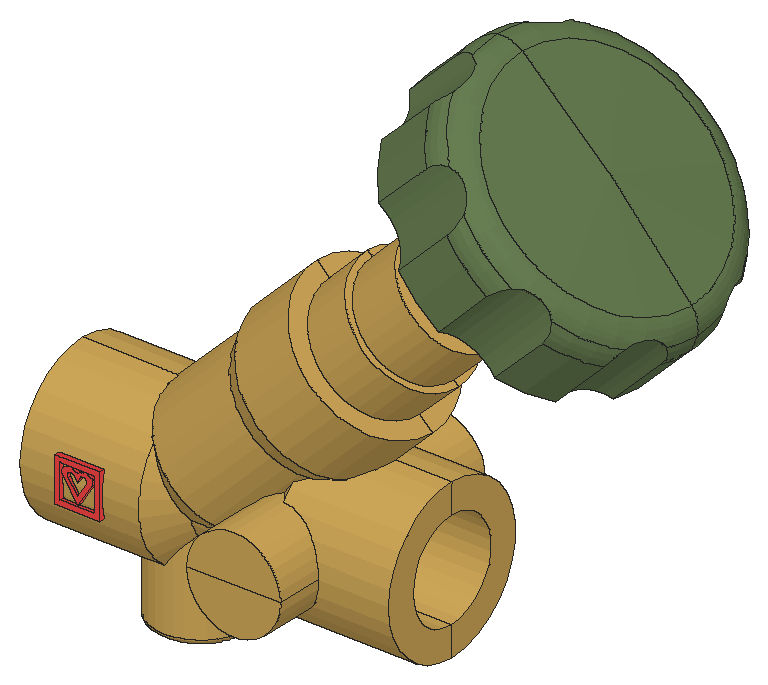
Revit family "Запорный клапан со встроенным обратным клапаном 4126", category Rohrzubehör, Revit 2020
Family settings
  Bemaßung runder Anschluss = Durchmesser verwenden
  Teiletyp = Unterbricht
  OmniClass-Nummer = 23.65.55.14
  OmniClass-Titel = Valves for Liquid Services
  Arbeitsebenenbasiert = Nein
  Immer vertikal = Ja
  Beim Laden mit Abzugskörper schneiden = Nein
  Gemeinsam genutzt = Nein
Parameters
  Шпиндель = "штампованная латунь, CW617N"  # constant formula
  Среда = "питьевая вода"  # constant formula
  Примечание = "В соответствии со статьей 33 Регламента REACH (Registration; Evaluation; Authorisation; Restriction of Chemicals) (EC № 1907/2006) мы обязаны указать, что свинец внесен в список SVHC (Substances of Very High Concern - вещества очень высокой важности) и весовой процент свинца во всех латунных компонентах заводского изготовления в наших изделиях, превышает 0,1 % (w/w) (CAS: 7439-92-1 / EINECS: 231-100-4).\r\nПоскольку свинец является легирующим компонентом сплава, прямое негативное влияние исключается, и поэтому дополнительной информации о безопасном использовании не требуется."
  Область применения = "Для перекрытия трубопроводов системы питьевого водоснабжения и циркуляционных систем в зданиях."
  Номер заказа [instance] = size_lookup("4126_", "Artnr", 0, Nennweite)  # 2412602
  Маховик = "пластик, цвет - зеленый"  # constant formula
  Макс. рабочее давление = 1600000.0 Pa  # constant formula
  Макс. рабочая температура = 80 °C  # constant formula
  Корпус = "литая латунь, устойчивая к селективной цинковой коррозии, CC770S"  # constant formula
  Давление открытия обратного клапана = "согласно DIN EN 13959"  # constant formula
  W01 = 45.00°  # constant formula
  Vorgabe-Ansicht = 0.000 mm
  URL = "www.herz-armaturen.ru"
  SW01 = 60.00°  # constant formula
  SC_NennweiteBerechnet = 0
  SC_Dimension = ""
  SCTWSEQ = "FW;SBT_TYP_FW=\"109\";2"
  SCTWCODE = "04;00;02"  # constant formula
  S03 = 60.000 mm  # constant formula
  S02 [instance] = L06 + L09 + L12 + L15  # 95.900 mm
  S01 [instance] = R01 * 2  # 32.000 mm
  R12 [instance] = R01 - 1.000 mm  # 15.000 mm
  R11 [instance] = size_lookup("4126_", "R11", 46.500 mm, Nennweite)  # 5.400 mm
  R100 = 1.000 mm  # constant formula
  R10 [instance] = size_lookup("4126_", "R10", 46.500 mm, Nennweite)  # 8.500 mm
  R09 [instance] = size_lookup("4126_", "R9", 46.500 mm, Nennweite)  # 11.750 mm
  R08 [instance] = size_lookup("4126_", "R8", 46.500 mm, Nennweite)  # 13.000 mm
  R07 [instance] = size_lookup("4126_", "R7", 46.500 mm, Nennweite)  # 16.500 mm
  R06 [instance] = size_lookup("4126_", "R6", 43.000 mm, Nennweite)  # 14.600 mm
  R05 [instance] = Nennweite / 2  # 10.000 mm
  R04 [instance] = size_lookup("4126_", "R4", 11.500 mm, Nennweite)  # 9.500 mm
  R03 = 9.500 mm  # constant formula
  R02 [instance] = Nennweite / 2  # 10.000 mm
  R01 [instance] = size_lookup("4126_", "R1", 11.500 mm, Nennweite)  # 16.000 mm
  Nennweite [instance] = 20.000 mm
  Макс. перепад давления на закрытом седле = 1000000.0 Pa  # constant formula
  L16 [instance] = L01 / 2  # 12.000 mm
  L15 [instance] = size_lookup("4126_", "L15", 12.400 mm, Nennweite)  # 12.400 mm
  L14 [instance] = size_lookup("4126_", "L14", 81.000 mm, Nennweite)  # 8.000 mm
  L12 [instance] = size_lookup("4126_", "L12", 81.000 mm, Nennweite)  # 33.500 mm
  L11 [instance] = size_lookup("4126_", "L11", 60.000 mm, Nennweite)  # 12.500 mm
  L10 [instance] = size_lookup("4126_", "L10", 20.000 mm, Nennweite)  # 11.000 mm
  L09 [instance] = size_lookup("4126_", "L9", 11.000 mm, Nennweite)  # 15.500 mm
  L08 [instance] = size_lookup("4126_", "L8", 35.000 mm, Nennweite)  # 30.100 mm
  L07 [instance] = size_lookup("4126_", "L7", 35.000 mm, Nennweite)  # 13.500 mm
  L06 [instance] = size_lookup("4126_", "L6", 118.000 mm, Nennweite) - L09  # 34.500 mm
  L05 [instance] = size_lookup("4126_", "L5", 44.000 mm, Nennweite)  # 26.500 mm
  L04 [instance] = size_lookup("4126_", "L4", 45.000 mm, Nennweite)  # 25.500 mm
  L03 = 15.000 mm  # constant formula
  L02 [instance] = size_lookup("4126_", "L2", 22.000 mm, Nennweite)  # 8.000 mm
  L01 [instance] = size_lookup("4126_", "L1", 48.000 mm, Nennweite)  # 24.000 mm
  L00 [instance] = size_lookup("4126_", "L", 180.000 mm, Nennweite)  # 75.000 mm
  Конус = "штампованная латунь, CW617N"  # constant formula
  Hersteller = "HERZ Armaturen Ges.m.b.H."  # constant formula
  H01 [instance] = size_lookup("4126_", "H1", 53.000 mm, Nennweite)  # 26.400 mm
  Незапланированные повышения температуры = "до  95 °C, продолжительностью не более 1 часа"  # constant formula
  DN50 [instance] = Nennweite = 50.000 mm  # no
  DN40 [instance] = Nennweite = 40.000 mm  # no
  DN32 [instance] = Nennweite = 32.000 mm  # no
  DN25-DN50 [instance] = or(Nennweite = 25.000 mm, Nennweite = 32.000 mm, Nennweite = 40.000 mm, Nennweite = 50.000 mm)  # no
  DN25 [instance] = Nennweite = 25.000 mm  # no
  DN20 [instance] = Nennweite = 20.000 mm  # yes
  DN15 [instance] = Nennweite = 15.000 mm  # no
Reference planes
  plane 1 "Mitte (Vorne/hinten)": y = 0
  plane 2: z = 0
  plane 3 "Mitte (Links/rechts)": x = 0
Forms (mm)
  Revolve 1, solid, material "Messing, weicher Gelbton, geschweißt", detail levels fine
    sketch origin (470, 0, 0) x (1, 0, 0) y (0, 0, 1)
      loop
        line (-507.5, 10) -> (-492.5, 10) -> (-492.5, 0) -> (-447.5, 0) -> (-447.5, 10) -> (-432.5, 10) -> (-432.5, 16) -> (-456.5, 16) -> (-462, 10) -> (-478, 10) -> (-483.5, 16) -> (-507.5, 16) -> (-507.5, 10)
      axis (-507.5, 0) -> (-432.5, 0)
    angle from 0 to 360
  Revolve 2, solid, material "Messing, weicher Gelbton, geschweißt", detail levels fine
    sketch origin (470, 0, 0) x (1, 0, 0) y (0, 0, 1)
      loop
        line (-493, 0) -> (-493, -25.4)
        arc (-493, -25.4) -> (-492.707, -26.107) -> (-492, -26.4) r 1
        line (-492, -26.4) -> (-483.5, -26.4) -> (-483.5, 0) -> (-493, 0)
      axis (-483.5, 0) -> (-483.5, -26.4)
    angle from 0 to 360
  Revolve 3, solid, material "Messing, weicher Gelbton, geschweißt", detail levels fine
    sketch origin (0, 0, 0) x (1, 0, 0) y (0, 1, 0)
      loop
        line (13.5, -25.5) -> (23, -25.5) -> (23, 26.5) -> (13.5, 26.5) -> (13.5, -25.5)
      axis (13.5, -25.5) -> (13.5, 26.5)
    angle from 0 to 360
  Revolve 4, solid, material "Messing, weicher Gelbton, geschweißt", visible <- "DN25-DN50", detail levels fine
    sketch origin (-470, 0, 0) x (-1, 0, 0) y (0, 0, 1)
      loop
        line (-493, 0) -> (-493, -25.4)
        arc (-493, -25.4) -> (-492.707, -26.107) -> (-492, -26.4) r 1
        line (-492, -26.4) -> (-483.5, -26.4) -> (-483.5, 0) -> (-493, 0)
      axis (-483.5, 0) -> (-483.5, -26.4)
    angle from 0 to 360
  Revolve 5, solid, material "Messing, weicher Gelbton, geschweißt", detail levels fine
    sketch origin (0.32, 0, -0.105) x (1, 0, 0) y (0, 0, 1)
      loop
        line (-13.82, 0) -> (53.991, 67.812) -> (50.173, 71.63) -> (41.405, 62.862) -> (39.213, 65.054) -> (32.142, 57.983) -> (29.844, 60.281) -> (21.005, 51.442) -> (20.121, 52.326) -> (12.343, 44.548) -> (9.868, 47.023) -> (-1.092, 36.062) -> (-2.86, 31.608) -> (-18.487, 15.981) -> (-20.891, 7.071) -> (-13.82, 0)
      axis (-13.82, 0) -> (53.991, 67.812)
    angle from 0 to 360
Lines and regions (mm)
  model lines, detail levels coarse+medium
    curve 1: line (-37.5, 0, 16) -> (-37.5, 0, -16)
    curve 2: line (-37.5, 0, -16) -> (37.5, 0, 16)
    curve 3: line (37.5, 0, 16) -> (37.5, 0, -16)
    curve 4: line (37.5, 0, -16) -> (-37.5, 0, 16)
    curve 5: line (0, 0, 0) -> (47.95, 0, 83.052)
    curve 6: line (21.969, 0, 98.052) -> (73.931, 0, 68.052)
    curve 7: line (-37.5, -16, 0) -> (-37.5, 16, 0)
    curve 8: line (-37.5, 16, 0) -> (37.5, -16, 0)
    curve 9: line (37.5, -16, 0) -> (37.5, 16, 0)
    curve 10: line (37.5, 16, 0) -> (-37.5, -16, 0)
    curve 11: line (0, 0, 0) -> (47.95, 83.052, 0)
    curve 12: line (21.969, 98.052, 0) -> (73.931, 68.052, 0)
Dimensions and locks
  "H01": plane 2 to Revolve 2 sketch curve
  "L00": Revolve 1 sketch curve to Revolve 1 sketch curve
  equal spacing: Revolve 1 sketch curve, plane 3 "Mitte (Links/rechts)", Revolve 1 sketch curve
  "R01": Revolve 1 sketch curve to Revolve 1 sketch curve  (x2)
  "R02": Revolve 1 sketch curve to Revolve 1 sketch curve  (x3)
  "L01": Revolve 1 sketch curve to Revolve 1 sketch curve  (x2)
  "L02": plane 3 "Mitte (Links/rechts)" to Revolve 1 sketch curve
  "L02": Revolve 1 sketch curve to plane 3 "Mitte (Links/rechts)"
  "L03": Revolve 1 sketch curve to Revolve 1 sketch curve  (x2)
  "L01": Revolve 1 to Revolve 2 sketch curve
  "R03": Revolve 2 sketch curve to Revolve 2 sketch curve
  "L01": Revolve 4 sketch curve to Revolve 1
  "R03": Revolve 4 sketch curve to Revolve 4 sketch curve
  "H01": plane 2 to Revolve 4 sketch curve
  "L04": Revolve 3 sketch curve to plane 1 "Mitte (Vorne/hinten)"
  "L05": plane 1 "Mitte (Vorne/hinten)" to Revolve 3 sketch curve
  "R04": Revolve 3 sketch curve to Revolve 3 sketch curve
  "L01": Revolve 3 sketch curve to Revolve 1
  "R07": Revolve 5 sketch curve to Revolve 5 sketch curve
  "L07": plane 3 "Mitte (Links/rechts)" to Revolve 5 sketch curve
  "R05": Revolve 5 sketch curve to Revolve 5 sketch curve
  "L06": Revolve 5 sketch curve to Revolve 5 sketch curve
  "L08": Revolve 5 sketch curve to Revolve 5 sketch curve
  "R06": Revolve 5 sketch curve to Revolve 5 sketch curve
  "L14": Revolve 5 sketch curve to Revolve 5 sketch curve
  "L09": Revolve 5 sketch curve to Revolve 5 sketch curve
  "R08": Revolve 5 sketch curve to Revolve 5 sketch curve
  "L10": Revolve 5 sketch curve to Revolve 5 sketch curve
  "R09": Revolve 5 sketch curve to Revolve 5 sketch curve
  "R10": Revolve 5 sketch curve to Revolve 5 sketch curve
  "L12": Revolve 5 sketch curve to Revolve 5 sketch curve
  "R11": Revolve 5 sketch curve to Revolve 5 sketch curve
  "L15": Revolve 5 sketch curve to Revolve 5 sketch curve
  "L11": Revolve 5 sketch curve to Revolve 5 sketch curve
  "R12": nested 7 to plane 1 "Mitte (Vorne/hinten)"
  "L16": Revolve 1 to nested 7
  "L00": curve 1 to curve 3
  "S01": curve 4 to curve 2
  "S01": curve 3 to curve 4
  equal spacing: curve 4, plane 2, curve 2
  equal spacing: curve 3, plane 2, curve 4
  "S02": curve 5 to curve 5
  equal spacing: curve 6, curve 5, curve 6
  "S03": curve 6 to curve 6
  "L00": curve 7 to curve 9
  "S01": curve 10 to curve 8
  curve 9 to curve 10 = 32.000 mm
  equal spacing: curve 12, curve 11, curve 12
  "S03": curve 12 to curve 12
  "S02": curve 11 to curve 11
  equal spacing: curve 10, plane 1 "Mitte (Vorne/hinten)", curve 8
  equal spacing: curve 9, plane 1 "Mitte (Vorne/hinten)", curve 10
  equal spacing: curve 7, plane 3 "Mitte (Links/rechts)", curve 9
  equal spacing: Revolve 1, curve 5, Revolve 1
  equal spacing: curve 7, curve 11, Revolve 1
  equal spacing: curve 1, plane 3 "Mitte (Links/rechts)", curve 3
  "R100": radius of Revolve 2 sketch curve
  "R100": radius of Revolve 4 sketch curve
  "W01": angle plane 2 to Revolve 5 sketch curve
  "W01": angle level to Revolve 5 sketch curve
  "SW01": angle plane 2 to curve 5
  "SW01": angle plane 1 "Mitte (Vorne/hinten)" to curve 11
  aligned and locked: level to plane 2
Automatic sketch dimensions
  curve 5 to level = 0.000 mm
  plane 1 "Mitte (Vorne/hinten)" to curve 11 = 0.000 mm
  Revolve 1 sketch curve to level = 0.000 mm  (x2)
  Revolve 1 sketch curve to Revolve 1 sketch curve = 791.990 mm
  Revolve 1 sketch curve to Revolve 1 sketch curve = 2278.983 mm
  Revolve 2 sketch curve to level = 0.000 mm  (x2)
  Revolve 2 sketch curve to Revolve 2 sketch curve = 0.000 mm
  Revolve 2 sketch curve to Revolve 2 sketch curve = 0.292 mm
  Revolve 3 sketch curve to Revolve 3 sketch curve = 0.000 mm  (x3)
  Revolve 4 sketch curve to level = 0.000 mm  (x2)
  Revolve 4 sketch curve to Revolve 4 sketch curve = 0.000 mm
  Revolve 4 sketch curve to Revolve 4 sketch curve = 0.292 mm
  Revolve 5 sketch curve to level = 0.105 mm
  Revolve 5 sketch curve to Revolve 5 sketch curve = 0.000 mm  (x2)
Nested families
  nested 1: "Strömax-Handrad_Schrägsitz (Grün)" at (42.584, 0, 54.979), visible <- "DN15", type "Strömax-Handrad_Schrägsitz (Grün)", detail levels fine
    with Nennweite 0.000 mm, Gewicht 0.00 kg, Bestellnummer 0
  nested 2: "Strömax-Handrad_Schrägsitz (Grün)" at (54.312, 0, 67.707), visible <- "DN20", type "Strömax-Handrad_Schrägsitz (Grün)", detail levels fine
    with Nennweite 0.000 mm, Gewicht 0.00 kg, Bestellnummer 0
  nested 3: "Strömax-Handrad_Schrägsitz (Grün)" at (62.469, 0, 80.364), visible <- "DN25", type "Strömax-Handrad_Schrägsitz (Grün)", detail levels fine
    with Nennweite 0.000 mm, Gewicht 0.00 kg, Bestellnummer 0
  nested 4: "Strömax-Handrad_Schrägsitz (Grün)" at (71.712, 0, 91.607), visible <- "DN32", type "Strömax-Handrad_Schrägsitz (Grün)", detail levels fine
    with Nennweite 0.000 mm, Gewicht 0.00 kg, Bestellnummer 0
  nested 5: "Strömax-Handrad_Schrägsitz (Grün)" at (80.399, 0, 101.294), visible <- "DN40", type "Strömax-Handrad_Schrägsitz (Grün)", detail levels fine
    with Nennweite 0.000 mm, Gewicht 0.00 kg, Bestellnummer 0
  nested 6: "Strömax-Handrad_Schrägsitz (Grün)" at (97.83, 0, 129.225), visible <- "DN50", type "Strömax-Handrad_Schrägsitz (Grün)", detail levels fine
    with Nennweite 0.000 mm, Gewicht 0.00 kg, Bestellnummer 0
  nested 7: "Herz-Logo-vorne" at (-25.5, -15.732, 0) x (0, 1, 0) z (0, 0, 1), type "Herz-Logo-vorne", detail levels fine
Connectors
  piping at (-22.5, 0, 0), diameter 20, driven by "Nennweite"
    settings: on Revolve 1, index 1, connector inside diameter 609.6 mm, connector length 0.000 mm, flow factor 0, pipe flow 0.0 L/s, pressure drop 0.0 Pa, fitting loss kfactor 0, connector angle 0.00°, fixture units 0, engagement length 0.000 mm, angle of deflection 0.00°, flow configuration 0, flow direction 1, fitting loss method 0, system type 29, joint type 0, gender type 0, connector reference index -1, connector utility 0, adjustable connector no, is connector primary yes, connector description ""
  piping at (22.5, 0, 0), diameter 20, driven by "Nennweite"
    settings: on Revolve 1, index 2, connector inside diameter 609.6 mm, connector length 0.000 mm, flow factor 0, pipe flow 0.0 L/s, pressure drop 0.0 Pa, fitting loss kfactor 0, connector angle 0.00°, fixture units 0, engagement length 0.000 mm, angle of deflection 0.00°, flow configuration 0, flow direction 2, fitting loss method 0, system type 29, joint type 0, gender type 0, connector reference index -1, connector utility 0, adjustable connector no, is connector primary no, connector description ""
Definition of nested family "Strömax-Handrad_Schrägsitz (Grün)"
  Parameters (values of type "Strömax-Handrad_Schrägsitz (Grün)")
    Default Elevation = 0.000 mm
    URL = "www.herz-armaturen.at"
    Nennweite [instance] = 0.000 mm
    Manufacturer = "Herz Armaturen GmbH"  # constant formula
    Gewicht [instance] = 0.00 kg
    Bestellnummer [instance] = 0
  Reference planes
    plane 1 "Mitte (Vorne/hinten)": y = 0
    plane 2: z = 0
    plane 3 "Mitte (Links/rechts)": x = 0
  Forms (mm)
    Revolve 1, solid
      sketch origin (0, 0, 0) x (0.707107, 0, -0.707107) y (0.707107, 0, 0.707107)
        loop
          line (0, 0) -> (0, 22)
          arc (0, 22) -> (-12.15, 21.705) -> (-24.271, 20.819) r 250
          arc (-24.271, 20.819) -> (-26.831, 19.959) -> (-28.754, 18.063) r 6
          arc (-28.754, 18.063) -> (-29.682, 16.008) -> (-30, 13.776) r 8
          line (-30, 13.776) -> (-30, 0) -> (0, 0)
        axis (0, 22) -> (0, 0)
      angle from 0 to 360
    Extrusion 2, void
      sketch origin (0, 0, 0) x (0.707107, 0, -0.707107) y (0, 1, 0)
        loop
          circle (14.351, -34.645) r 10
      from 0 to 22
    Extrusion 3, void
      sketch origin (0, 0, 0) x (-0.707107, 0, 0.707107) y (0, -1, 0)
        loop
          circle (14.351, 34.645) r 10
      from 0 to 22
    Extrusion 4, void
      sketch origin (0, 0, 0) x (0, -1, 0) y (0.707107, 0, -0.707107)
        loop
          circle (14.351, 34.645) r 10
      from 0 to 22
    Extrusion 5, void
      sketch origin (0, 0, 0) x (0, 1, 0) y (-0.707107, 0, 0.707107)
        loop
          circle (14.351, -34.645) r 10
      from 0 to 22
    Extrusion 6, void
      sketch origin (0, 0, 0) x (0, -1, 0) y (0.707107, 0, -0.707107)
        loop
          circle (14.351, -34.645) r 10
      from 0 to 22
    Extrusion 7, void
      sketch origin (0, 0, 0) x (0, 1, 0) y (-0.707107, 0, 0.707107)
        loop
          circle (14.351, 34.645) r 10
      from 0 to 22
    Extrusion 8, void
      sketch origin (0, 0, 0) x (0.707107, 0, -0.707107) y (0, 1, 0)
        loop
          circle (14.351, 34.645) r 10
      from 0 to 22
    Extrusion 9, void
      sketch origin (0, 0, 0) x (-0.707107, 0, 0.707107) y (0, -1, 0)
        loop
          circle (14.351, -34.645) r 10
      from 0 to 22
  Cuts and joins
    Extrusion 2, Extrusion 3, Extrusion 4, Extrusion 5, Extrusion 6, Extrusion 7, Extrusion 8, Extrusion 9 cuts Revolve 1
  Dimensions and locks
    aligned and locked: level to plane 2
Definition of nested family "Herz-Logo-vorne"
  Parameters (values of type "Herz-Logo-vorne")
    Default Elevation = 0.000 mm
  Reference planes
    plane 1 "Mitte (Vorne/hinten)": y = 0
    plane 2: z = 0
    plane 3 "Mitte (Links/rechts)": x = 0
  Forms (mm)
    Extrusion 1, solid
      sketch origin (0.732, -0.018, 0.017) x (0, -1, 0) y (0, 0, 1)
        loop
          line (-0.018, -4.517) -> (4.482, -4.517) -> (4.482, 4.483) -> (-4.518, 4.483) -> (-4.518, -4.517) -> (-0.018, -4.517)
        loop
          line (-0.05, -3.48) -> (3.482, -3.48) -> (3.482, 3.483) -> (-3.518, 3.483) -> (-3.518, -3.48) -> (-0.05, -3.48)
        loop
          arc (-0.018, 2.383) -> (-1.543, 3.287) -> (-3.067, 2.383) r 1.738
          arc (-3.067, 2.383) -> (-3.191, 1.899) -> (-3.067, 1.415) r 1.009
          line (-3.067, 1.415) -> (-0.018, -3.281) -> (3.032, 1.415)
          arc (3.032, 1.415) -> (3.156, 1.899) -> (3.032, 2.383) r 1.009
          arc (3.032, 2.383) -> (1.507, 3.287) -> (-0.018, 2.383) r 1.738
        loop
          arc (1.885, 1.272) -> (2.005, 1.675) -> (1.885, 2.079) r 0.74
          arc (1.885, 2.079) -> (1.265, 2.416) -> (0.644, 2.079) r 0.74
          line (0.644, 2.079) -> (-0.018, 0.97) -> (-0.679, 2.079)
          arc (-0.679, 2.079) -> (-1.3, 2.416) -> (-1.921, 2.079) r 0.74
          arc (-1.921, 2.079) -> (-2.04, 1.675) -> (-1.921, 1.272) r 0.74
          line (-1.921, 1.272) -> (-0.018, -1.658) -> (1.885, 1.272)
      from 0 to 1.5
  Dimensions and locks
    aligned and locked: level to plane 2
